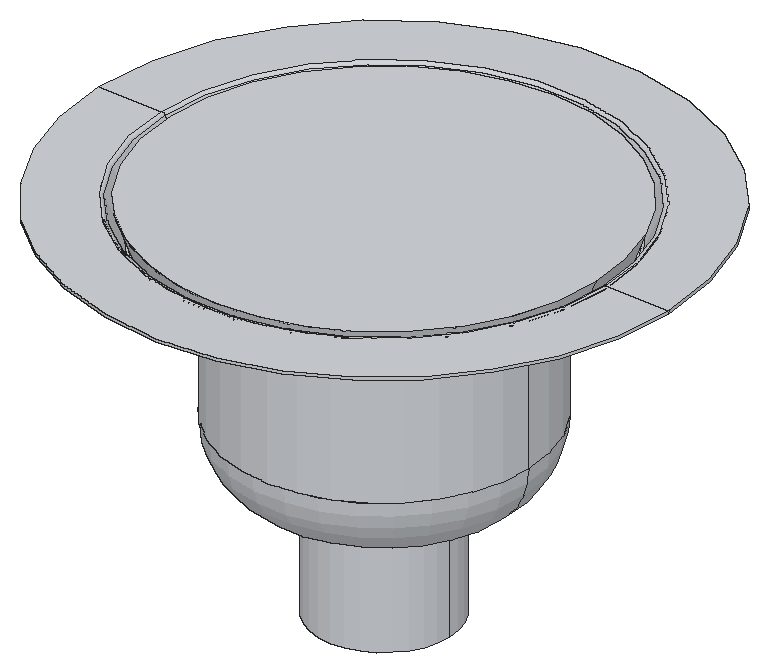
Revit family "S-399_Vertical", category Plumbing Fixtures, Revit 2015
Parameters (values of type "S-399_Vertical_ABS White")
  WFU = 1
  URL = "http://www.jimten.com/en/producto/329/sumidero-para-suelo-vinilico-salida-vertical"
  Total Minimum Height = "110 mm"  # constant formula
  Size = "Ø160 mm"  # constant formula
  Reference = "12449"  # constant formula
  Outlet = "50M/110M"  # constant formula
  Model = "S-399"  # constant formula
  Material = ABS (White)
  Manufacturer = "Jimten"  # constant formula
  Hidraulic seal = "50 mm"  # constant formula
  Grid = INOX AISI304
  Flowrate = 0.96 L/s  # constant formula
  Diameter = 50 mm
  Description = "VINYL FLOOR GULLY, REMOVABLE TRAP, WITH HAIR FILTER, VERTICAL OUTLET, WITH GRID, VANDAL SAFE"  # constant formula
  Type Comments = "WITH PRESSING RING FOR VINYL WATERPROOFING MEMBRANES. WITH PROTECTION COVER "  # constant formula
  Clase carga = "K3"  # constant formula
Reference planes
  plane 1 "Center (Front/Back)": y = 0
  plane 2: z = 0
  plane 3 "Center (Left/Right)": x = 0
Dimensions and locks
  aligned and locked: level to plane 2
  aligned and locked: level to nested 2
Nested families
  nested 1: "S-399-Grid" at (0, 0, 0), type "S-399-Grid"
  nested 2: "S-399-OutletVertical" at (0, 0, 0), type "S-399-OutletVertical"
Connectors
  piping at (0, 0, -140), diameter 50, driven by "WFU", driven by "Diameter", driven by "Flowrate"
    settings: on nested 2, index 1, connector inside diameter 609.6 mm, connector length 0 mm, flow factor 0, pipe flow 0.96 L/s, pressure drop 0.0 Pa, fitting loss kfactor 0, connector angle 0.00°, fixture units 1, engagement length 0 mm, angle of deflection 0.00°, flow configuration 0, flow direction 2, fitting loss method 0, system type 16, joint type 0, gender type 0, connector reference index -1, connector utility 0, adjustable connector yes, is connector primary yes, connector description ""
Definition of nested family "S-399-Grid"
  Parameters (values of type "S-399-Rejilla")
    MaterialRejilla = none
  Reference planes
    plane 1 "Center (Front/Back)": y = 0
    plane 2: z = 0
    plane 3 "Center (Left/Right)": x = 0
    plane 4: z = -15
    plane 5 "DetalleRejilla": z = 1
  Forms (mm)
    Blend 1, solid
      base sketch origin (-125.198, -1524, -15) x (-1, 0, 0) y (0, -1, 0)
        loop
          circle (-125.198, -1524) r 75
      top sketch origin (-125.198, -1524, -15) x (-1, 0, 0) y (0, -1, 0)
        loop
          circle (-125.198, -1524) r 80.5
      from 0 to 15
  Lines and regions (mm)
    model lines, detail levels medium+fine
      curve 1: line (-54.991, 1, 1) -> (-34.986, 1, 1)
      curve 2: line (-34.986, -1, 1) -> (-54.991, -1, 1)
      curve 3: line (-38.177, 39.592, 1) -> (-24.032, 25.446, 1)
      curve 4: line (-25.446, 24.032, 1) -> (-39.592, 38.177, 1)
      curve 5: line (-39.592, -38.177, 1) -> (-25.446, -24.032, 1)
      curve 6: line (-24.032, -25.446, 1) -> (-38.177, -39.592, 1)
      curve 7: line (54.991, 1, 1) -> (34.986, 1, 1)
      curve 8: line (34.986, -1, 1) -> (54.991, -1, 1)
      curve 9: line (38.177, 39.592, 1) -> (24.032, 25.446, 1)
      curve 10: line (25.446, 24.032, 1) -> (39.592, 38.177, 1)
      curve 11: line (39.592, -38.177, 1) -> (25.446, -24.032, 1)
      curve 12: line (24.032, -25.446, 1) -> (38.177, -39.592, 1)
      curve 13: line (-1, 34.986, 1) -> (-1, 54.991, 1)
      curve 14: line (1, 54.991, 1) -> (1, 34.986, 1)
      curve 15: line (1, -34.986, 1) -> (1, -54.991, 1)
      curve 16: line (-1, -54.991, 1) -> (-1, -34.986, 1)
      curve 17: line (-9.312, -2, 1) -> (-15.312, -2, 1)
      curve 18: line (-9.312, -8, 1) -> (-9.312, -2, 1)
      curve 19: line (-15.312, -8, 1) -> (-9.312, -8, 1)
      curve 20: line (-15.312, -2, 1) -> (-15.312, -8, 1)
      curve 21: line (-2.375, 29.125, 1) -> (-8.375, 29.125, 1)
      curve 22: line (-2.375, 23.174, 1) -> (-2.375, 29.125, 1)
      curve 23: line (-8.375, 29.125, 1) -> (-8.375, 23.174, 1)
      curve 24: line (-8.375, 23.174, 1) -> (-2.375, 23.174, 1)
      curve 25: line (-17.954, 26, 1) -> (-11.954, 26, 1)
      curve 26: line (-17.954, 20.049, 1) -> (-17.954, 26, 1)
      curve 27: line (-11.954, 26, 1) -> (-11.954, 20.049, 1)
      curve 28: line (-11.954, 20.049, 1) -> (-17.954, 20.049, 1)
      curve 29: line (-22.549, 8.326, 1) -> (-28.549, 8.326, 1)
      curve 30: line (-22.549, 2.375, 1) -> (-22.549, 8.326, 1)
      curve 31: line (-28.549, 8.326, 1) -> (-28.549, 2.375, 1)
      curve 32: line (-28.549, 2.375, 1) -> (-22.549, 2.375, 1)
      curve 33: line (-19.648, 17.985, 1) -> (-25.648, 17.985, 1)
      curve 34: line (-19.648, 12.034, 1) -> (-19.648, 17.985, 1)
      curve 35: line (-25.648, 17.985, 1) -> (-25.648, 12.034, 1)
      curve 36: line (-25.648, 12.034, 1) -> (-19.648, 12.034, 1)
      curve 37: line (2.375, 29.125, 1) -> (8.375, 29.125, 1)
      curve 38: line (2.375, 23.174, 1) -> (2.375, 29.125, 1)
      curve 39: line (8.375, 29.125, 1) -> (8.375, 23.174, 1)
      curve 40: line (8.375, 23.174, 1) -> (2.375, 23.174, 1)
      curve 41: line (17.954, 26, 1) -> (11.954, 26, 1)
      curve 42: line (17.954, 20.049, 1) -> (17.954, 26, 1)
      curve 43: line (11.954, 26, 1) -> (11.954, 20.049, 1)
      curve 44: line (11.954, 20.049, 1) -> (17.954, 20.049, 1)
      curve 45: line (22.549, 8.326, 1) -> (28.549, 8.326, 1)
      curve 46: line (22.549, 2.375, 1) -> (22.549, 8.326, 1)
      curve 47: line (28.549, 8.326, 1) -> (28.549, 2.375, 1)
      curve 48: line (28.549, 2.375, 1) -> (22.549, 2.375, 1)
      curve 49: line (19.648, 17.985, 1) -> (25.648, 17.985, 1)
      curve 50: line (19.648, 12.034, 1) -> (19.648, 17.985, 1)
      curve 51: line (25.648, 17.985, 1) -> (25.648, 12.034, 1)
      curve 52: line (25.648, 12.034, 1) -> (19.648, 12.034, 1)
      curve 53: line (2.375, -29.125, 1) -> (8.375, -29.125, 1)
      curve 54: line (2.375, -23.174, 1) -> (2.375, -29.125, 1)
      curve 55: line (8.375, -29.125, 1) -> (8.375, -23.174, 1)
      curve 56: line (8.375, -23.174, 1) -> (2.375, -23.174, 1)
      curve 57: line (17.954, -26, 1) -> (11.954, -26, 1)
      curve 58: line (17.954, -20.049, 1) -> (17.954, -26, 1)
      curve 59: line (11.954, -26, 1) -> (11.954, -20.049, 1)
      curve 60: line (11.954, -20.049, 1) -> (17.954, -20.049, 1)
      curve 61: line (22.549, -8.326, 1) -> (28.549, -8.326, 1)
      curve 62: line (22.549, -2.375, 1) -> (22.549, -8.326, 1)
      curve 63: line (28.549, -8.326, 1) -> (28.549, -2.375, 1)
      curve 64: line (28.549, -2.375, 1) -> (22.549, -2.375, 1)
      curve 65: line (19.648, -17.985, 1) -> (25.648, -17.985, 1)
      curve 66: line (19.648, -12.034, 1) -> (19.648, -17.985, 1)
      curve 67: line (25.648, -17.985, 1) -> (25.648, -12.034, 1)
      curve 68: line (25.648, -12.034, 1) -> (19.648, -12.034, 1)
      curve 69: line (-2.375, -15.563, 1) -> (-8.375, -15.563, 1)
      curve 70: line (-2.375, -9.563, 1) -> (-2.375, -15.563, 1)
      curve 71: line (-8.375, -9.563, 1) -> (-2.375, -9.563, 1)
      curve 72: line (-8.375, -15.563, 1) -> (-8.375, -9.563, 1)
      curve 73: line (-2.375, -29.125, 1) -> (-8.375, -29.125, 1)
      curve 74: line (-2.375, -23.174, 1) -> (-2.375, -29.125, 1)
      curve 75: line (-8.375, -29.125, 1) -> (-8.375, -23.174, 1)
      curve 76: line (-8.375, -23.174, 1) -> (-2.375, -23.174, 1)
      curve 77: line (-17.954, -26, 1) -> (-11.954, -26, 1)
      curve 78: line (-17.954, -20.049, 1) -> (-17.954, -26, 1)
      curve 79: line (-11.954, -26, 1) -> (-11.954, -20.049, 1)
      curve 80: line (-11.954, -20.049, 1) -> (-17.954, -20.049, 1)
      curve 81: line (-22.549, -8.326, 1) -> (-28.549, -8.326, 1)
      curve 82: line (-22.549, -2.375, 1) -> (-22.549, -8.326, 1)
      curve 83: line (-28.549, -8.326, 1) -> (-28.549, -2.375, 1)
      curve 84: line (-28.549, -2.375, 1) -> (-22.549, -2.375, 1)
      curve 85: line (-19.648, -17.985, 1) -> (-25.648, -17.985, 1)
      curve 86: line (-19.648, -12.034, 1) -> (-19.648, -17.985, 1)
      curve 87: line (-25.648, -17.985, 1) -> (-25.648, -12.034, 1)
      curve 88: line (-25.648, -12.034, 1) -> (-19.648, -12.034, 1)
      curve 89: line (2.375, -15.563, 1) -> (8.375, -15.563, 1)
      curve 90: line (2.375, -9.563, 1) -> (2.375, -15.563, 1)
      curve 91: line (8.375, -9.563, 1) -> (2.375, -9.563, 1)
      curve 92: line (8.375, -15.563, 1) -> (8.375, -9.563, 1)
      curve 93: line (9.312, -2, 1) -> (15.312, -2, 1)
      curve 94: line (9.312, -8, 1) -> (9.312, -2, 1)
      curve 95: line (15.312, -8, 1) -> (9.312, -8, 1)
      curve 96: line (15.312, -2, 1) -> (15.312, -8, 1)
      curve 97: line (-9.312, 2, 1) -> (-15.312, 2, 1)
      curve 98: line (-9.312, 8, 1) -> (-9.312, 2, 1)
      curve 99: line (-15.312, 8, 1) -> (-9.312, 8, 1)
      curve 100: line (-15.312, 2, 1) -> (-15.312, 8, 1)
      curve 101: line (-2.375, 15.563, 1) -> (-8.375, 15.563, 1)
      curve 102: line (-2.375, 9.563, 1) -> (-2.375, 15.563, 1)
      curve 103: line (-8.375, 9.563, 1) -> (-2.375, 9.563, 1)
      curve 104: line (-8.375, 15.563, 1) -> (-8.375, 9.563, 1)
      curve 105: line (2.375, 15.563, 1) -> (8.375, 15.563, 1)
      curve 106: line (2.375, 9.563, 1) -> (2.375, 15.563, 1)
      curve 107: line (8.375, 9.563, 1) -> (2.375, 9.563, 1)
      curve 108: line (8.375, 15.563, 1) -> (8.375, 9.563, 1)
      curve 109: line (9.312, 2, 1) -> (15.312, 2, 1)
      curve 110: line (9.312, 8, 1) -> (9.312, 2, 1)
      curve 111: line (15.312, 8, 1) -> (9.312, 8, 1)
      curve 112: line (15.312, 2, 1) -> (15.312, 8, 1)
      curve 113: arc (-54.991, -1, 1) -> (-50.813, -21.048, 1) -> (-39.592, -38.177, 1) r 55
      curve 114: arc (-34.986, -1, 1) -> (-32.336, -13.394, 1) -> (-25.446, -24.032, 1) r 35
      curve 115: arc (-39.592, 38.177, 1) -> (-50.813, 21.048, 1) -> (-54.991, 1, 1) r 55
      curve 116: arc (-25.446, 24.032, 1) -> (-32.336, 13.394, 1) -> (-34.986, 1, 1) r 35
      curve 117: arc (-1, 54.991, 1) -> (-21.048, 50.813, 1) -> (-38.177, 39.592, 1) r 55
      curve 118: arc (-1, 34.986, 1) -> (-13.394, 32.336, 1) -> (-24.032, 25.446, 1) r 35
      curve 119: arc (24.032, 25.446, 1) -> (13.394, 32.336, 1) -> (1, 34.986, 1) r 35
      curve 120: arc (38.177, 39.592, 1) -> (21.048, 50.813, 1) -> (1, 54.991, 1) r 55
      curve 121: arc (34.986, 1, 1) -> (32.336, 13.394, 1) -> (25.446, 24.032, 1) r 35
      curve 122: arc (54.991, 1, 1) -> (50.813, 21.048, 1) -> (39.592, 38.177, 1) r 55
      curve 123: arc (39.592, -38.177, 1) -> (50.813, -21.048, 1) -> (54.991, -1, 1) r 55
      curve 124: arc (25.446, -24.032, 1) -> (32.336, -13.394, 1) -> (34.986, -1, 1) r 35
      curve 125: arc (1, -54.991, 1) -> (21.048, -50.813, 1) -> (38.177, -39.592, 1) r 55
      curve 126: arc (1, -34.986, 1) -> (13.394, -32.336, 1) -> (24.032, -25.446, 1) r 35
      curve 127: arc (-24.032, -25.446, 1) -> (-13.394, -32.336, 1) -> (-1, -34.986, 1) r 35
      curve 128: arc (-38.177, -39.592, 1) -> (-21.048, -50.813, 1) -> (-1, -54.991, 1) r 55
      curve 129: circle (0, 0, 1) r 80.5 normal (0, 0, 1)
  Dimensions and locks
    plane 4 to plane 2 = 15 mm
    plane 5 "DetalleRejilla" to plane 2 = 1 mm
    aligned and locked: level to plane 2
    aligned and locked: level to Blend 1
Definition of nested family "S-399-OutletVertical"
  Parameters (values of type "S-399-OutletVertical")
    MaterialOutlet = none
  Reference planes
    plane 1 "Center (Front/Back)": y = 0
    plane 2: z = 0
    plane 3 "Center (Left/Right)": x = 0
    plane 4: z = -100
    plane 5: z = -140
  Forms (mm)
    Revolve 1, solid
      sketch origin (0, 0, 0) x (1, 0, 0) y (0, 0, 1)
        loop
          arc (55, -16.606) -> (55.293, -15.899) -> (56, -15.606) r 1
          line (56, -15.606) -> (76.629, -15.606)
          arc (76.629, -15.606) -> (77.434, -15.366) -> (77.976, -14.724) r 1.469
          line (77.976, -14.724) -> (83.69, -1.601)
          arc (83.69, -1.601) -> (84.059, -1.164) -> (84.607, -1) r 1
          line (84.607, -1) -> (108, -1) -> (108, 0) -> (84.31, 0)
          arc (84.31, 0) -> (83.489, -0.245) -> (82.936, -0.899) r 1.5
          line (82.936, -0.899) -> (77.198, -14.007)
          arc (77.198, -14.007) -> (76.829, -14.443) -> (76.282, -14.606) r 1
          line (76.282, -14.606) -> (56, -14.606)
          arc (56, -14.606) -> (54.586, -15.192) -> (54, -16.606) r 2
          line (54, -16.606) -> (54, -72.536)
          arc (54, -72.536) -> (48.454, -88.237) -> (34.278, -96.973) r 25
          line (34.278, -96.973) -> (24.893, -99) -> (24, -99) -> (24, -100) -> (25, -100) -> (34.489, -97.95)
          arc (34.489, -97.95) -> (49.233, -88.865) -> (55, -72.536) r 26
          line (55, -72.536) -> (55, -16.606)
        axis (0, 0) -> (0, -100)
      angle from 0 to 360
    Revolve 2, solid
      sketch origin (-6.656, -0.453, 0) x (1, 0, 0) y (0, 0, 1)
        loop
          line (75.98, -18) -> (75.98, -10.167) -> (73.872, -15.009)
          arc (73.872, -15.009) -> (73.503, -15.446) -> (72.955, -15.609) r 1
          line (72.955, -15.609) -> (61.5, -15.609)
          arc (61.5, -15.609) -> (60.793, -15.902) -> (60.5, -16.609) r 1
          line (60.5, -16.609) -> (60.5, -28) -> (65.98, -28)
          arc (65.98, -28) -> (73.051, -25.071) -> (75.98, -18) r 10
        axis (0, -10.167) -> (0, -28)
      angle from 0 to 7
    Revolve 3, solid
      sketch origin (0.453, -6.656, 0) x (0, 1, 0) y (0, 0, 1)
        loop
          line (75.98, -18) -> (75.98, -10.167) -> (73.872, -15.009)
          arc (73.872, -15.009) -> (73.503, -15.446) -> (72.955, -15.609) r 1
          line (72.955, -15.609) -> (61.5, -15.609)
          arc (61.5, -15.609) -> (60.793, -15.902) -> (60.5, -16.609) r 1
          line (60.5, -16.609) -> (60.5, -28) -> (65.98, -28)
          arc (65.98, -28) -> (73.051, -25.071) -> (75.98, -18) r 10
        axis (0, -10.167) -> (0, -28)
      angle from 0 to 7
    Revolve 4, solid
      sketch origin (6.656, 0.453, 0) x (-1, 0, 0) y (0, 0, 1)
        loop
          line (75.98, -18) -> (75.98, -10.167) -> (73.872, -15.009)
          arc (73.872, -15.009) -> (73.503, -15.446) -> (72.955, -15.609) r 1
          line (72.955, -15.609) -> (61.5, -15.609)
          arc (61.5, -15.609) -> (60.793, -15.902) -> (60.5, -16.609) r 1
          line (60.5, -16.609) -> (60.5, -28) -> (65.98, -28)
          arc (65.98, -28) -> (73.051, -25.071) -> (75.98, -18) r 10
        axis (0, -10.167) -> (0, -28)
      angle from 0 to 7
    Revolve 5, solid
      sketch origin (-0.453, 6.656, 0) x (0, -1, 0) y (0, 0, 1)
        loop
          line (75.98, -18) -> (75.98, -10.167) -> (73.872, -15.009)
          arc (73.872, -15.009) -> (73.503, -15.446) -> (72.955, -15.609) r 1
          line (72.955, -15.609) -> (61.5, -15.609)
          arc (61.5, -15.609) -> (60.793, -15.902) -> (60.5, -16.609) r 1
          line (60.5, -16.609) -> (60.5, -28) -> (65.98, -28)
          arc (65.98, -28) -> (73.051, -25.071) -> (75.98, -18) r 10
        axis (0, -10.167) -> (0, -28)
      angle from 0 to 7
    Extrusion 6, solid
      sketch origin (-696.277, -1524, -100) x (-1, 0, 0) y (0, -1, 0)
        loop
          circle (-696.277, -1524) r 25
        loop
          circle (-696.277, -1524) r 24
      from 0 to -40
  Dimensions and locks
    level to plane 4 = 100 mm
    plane 4 to plane 5 = 40 mm
    diameter of Extrusion 6 sketch curve = 50 mm
    aligned and locked: level to plane 2
    aligned and locked: Extrusion 6 to plane 5
